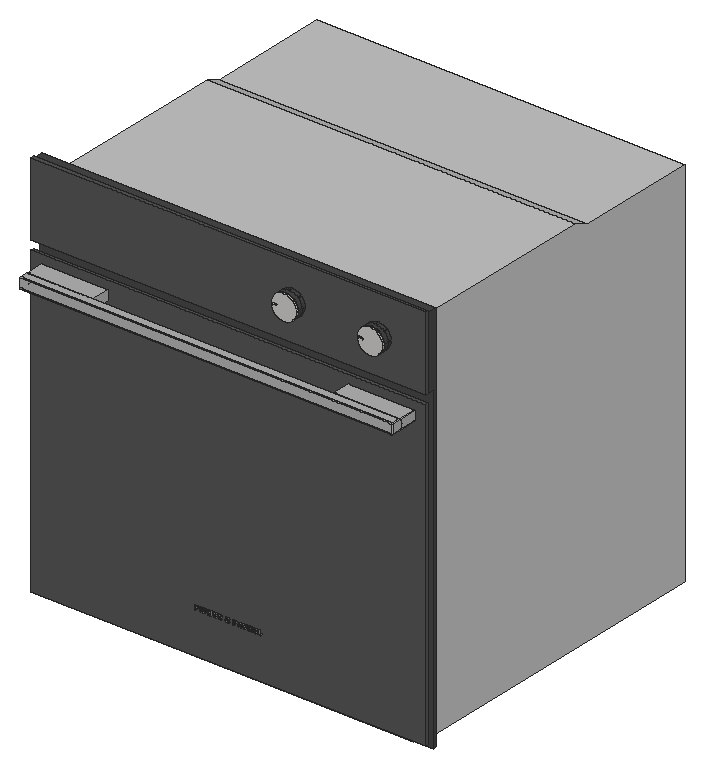
Revit family "FP_Revit_18_OB60SC6LEB1_Oven_90001193A", category Specialty Equipment, Revit 2018
Family settings
  Round Connector Dimension = Use Diameter
  Part Type = Normal
  OmniClass Number = 23.40.40.14.17.11
  OmniClass Title = Cookers, Ovens, Stoves
  Work Plane-Based = No
  Always vertical = Yes
  Cut with Voids When Loaded = Yes
  Shared = No
  Room Calculation Point = No
Parameters (values of type "OB60SC6LEB1")
  Visibility - Clearance Required = yes
  URL = "www.fisherpaykel.com"
  Product - Width = 596 mm  # constant formula
  Product - Height = 598 mm  # constant formula
  Product - Depth = 608 mm  # constant formula
  Model = "OB60SC6LEB1"
  Material - Structure = Fisher & Paykel - Black
  Material - Handle = Fisher & Paykel - Aluminium
  Material - Glass = Fisher & Paykel - Glass, Black
  Material - Buttons and Dials = Fisher & Paykel - Stainless Steel
  Material - Body = Fisher & Paykel - Grey
  Manufacturer = "Fisher & Paykel Appliances"
  FFL Offset [instance] = 260 mm
  Description = "60cm Built-In Oven"
  Connector Description - Electrical = "230 V, 13.3 A"
  Chassis - Width = 556 mm  # constant formula
  Chassis - Height = 575 mm  # constant formula
  Chassis - Depth = 545 mm  # constant formula
  Cavity - Width = 600 mm  # constant formula
  Cavity - Height = 600 mm  # constant formula
  Cavity - Depth = 550 mm  # constant formula
Reference planes
  plane 1 "Datum": y = 0
  plane 2: z = 0
  plane 3 "Center (Left/Right)": x = 0
  plane 4 "Product Height": z = 858
  plane 5 "Product LHS": x = -298
  plane 6 "Product RHS": x = 298
  plane 7 "Cavity LHS": x = -300
  plane 8 "Cavity RHS": x = 300
  plane 9 "Cavity - Depth": y = 550
  plane 10 "Product Depth": y = 545
  plane 11 "Door - Front": y = -20
  plane 12 "Product - Front": y = -63
  plane 13 "FFL Offset": z = 260
  plane 14 "Cavity - Height": z = 860
  plane 15 "Cavity": z = 840
Forms (mm)
  Extrusion 1, solid, material "Fisher & Paykel - Grey" <- "Material - Body"
    sketch origin (0, 0, 0) x (0, 1, 0) y (0, 0, 1)
      loop
        line (0, 260) -> (525, 260) -> (525, 458) -> (545, 478) -> (545, 672) -> (495, 722) -> (495, 824.6) -> (311.747, 824.6) -> (289.247, 835) -> (0, 835) -> (0, 260)
    from -278 to 278
  Extrusion 2, void
    sketch origin (0, 0, 0) x (1, 0, 0) y (0, 1, 0)
      loop
        line (-278, 495) -> (-235, 495) -> (-185, 545) -> (-278, 545) -> (-278, 495)
      loop
        line (278, 495) -> (278, 545) -> (62.65, 545) -> (82.65, 525) -> (205, 525) -> (235, 495) -> (278, 495)
    from 260 to 835
  Extrusion 3, solid, material "Fisher & Paykel - Black" <- "Material - Structure"
    sketch origin (0, 0, 0) x (0, 1, 0) y (0, 0, 1)
      loop
        line (-16, 855) -> (-16, 746) -> (-4.1, 746) -> (-4.1, 260) -> (0, 260) -> (0, 855) -> (-16, 855)
    from -298 to 298
  Extrusion 4, solid, material "Fisher & Paykel - Black" <- "Material - Structure"
    sketch origin (0, 0, 0) x (0, 1, 0) y (0, 0, 1)
      loop
        line (-16, 722.6) -> (-16, 267) -> (-4.1, 267) -> (-4.1, 722.6) -> (-16, 722.6)
    from -277 to 277
  Extrusion 5, solid, material "Fisher & Paykel - Clearance Required", visible <- "Visibility - Clearance Required", detail levels coarse
    sketch origin (0, 0, 0) x (0, 1, 0) y (0, 0, 1)
      loop
        line (-20, 287.356) -> (-20, 260) -> (0, 260) -> (0, 860) -> (-20, 860) -> (-20, 732.8)
        arc (-20, 732.8) -> (-324.134, 611.374) -> (-467.592, 316.991) r 454.272
        line (-467.592, 316.991) -> (-454.903, 316.151) -> (-457.629, 274.989) -> (-445.183, 274.164) -> (-442.458, 315.327) -> (-20, 287.356)
    from -300 to 300
  Extrusion 6, solid, material "Fisher & Paykel - Clearance Required", visible <- "Visibility - Clearance Required", detail levels coarse
    sketch origin (0, 0, 0) x (1, 0, 0) y (0, 1, 0)
      loop
        line (-280, 0) -> (280, 0) -> (280, 550) -> (-280, 550) -> (-280, 0)
    from 260 to 840
  Extrusion 7, solid, material "Fisher & Paykel - Glass, Black" <- "Material - Glass"
    sketch origin (0, 0, 0) x (0, 1, 0) y (0, 0, 1)
      loop
        line (-16, 858) -> (-20, 858) -> (-20, 746) -> (-16, 746) -> (-16, 858)
      loop
        line (-20, 732.8) -> (-20, 269.8) -> (-16, 269.8) -> (-16, 732.8) -> (-20, 732.8)
    from -298 to 298
  Extrusion 8, solid, material "Fisher & Paykel - Grey" <- "Material - Body", detail levels medium+fine
    sketch origin (0, -20, 0) x (0, 0, 1) y (1, 0, 0)
      loop
        line (795.1, -225.85) -> (795.1, -133.15) -> (737.1, -133.15) -> (737.1, -225.85) -> (795.1, -225.85)
    from 515 to 535
  Extrusion 9, solid, material "Fisher & Paykel - Grey" <- "Material - Body", detail levels fine
    sketch origin (0, 0, 0) x (0, 1, 0) y (0, 0, 1)
      loop
        circle (505, 766.1) r 4
    from -225.85 to -245
  Extrusion 10, void
    sketch origin (0, 0, 0) x (0, 1, 0) y (0, 0, 1)
      loop
        line (-20, 860) -> (-20, 260) -> (0, 260) -> (0, 860) -> (-20, 860)
    from -300 to 300
  Extrusion 11, void
    sketch origin (0, 0, 0) x (1, 0, 0) y (0, 1, 0)
      loop
        line (-280, 0) -> (280, 0) -> (280, 550) -> (-280, 550) -> (-280, 0)
    from 260 to 840
Cuts and joins
  Extrusion 2 cuts Extrusion 1
Lines and regions (mm)
  model lines, style "Fisher & Paykel"
    curve 1: line (-268, -20, 790) -> (-218, -20, 790)
    curve 2: line (-268, -20, 811) -> (-268, -20, 790)
    curve 3: line (-218, -20, 811) -> (-268, -20, 811)
    curve 4: line (-218, -20, 790) -> (-218, -20, 811)
    curve 5: line (217.5, -20, 394.2) -> (-217.5, -20, 394.2)
    curve 6: line (217.5, -20, 677.436) -> (217.5, -20, 394.2)
    curve 7: line (-217.5, -20, 677.436) -> (217.5, -20, 677.436)
    curve 8: line (-217.5, -20, 394.2) -> (-217.5, -20, 677.436)
Text (mm)
  text "Due to ongoing product development, product details are subject to change without notice. \nPlease always refer to www.fisherpaykel.com for the most current product information. \n© Fisher & Paykel 2020" at (41.04, -568.295, 0), in view "Ref. Level (Plan)"
Dimensions and locks
  equal spacing: plane 5 "Product LHS", plane 3 "Center (Left/Right)", plane 6 "Product RHS"
  "Product - Width": plane 5 "Product LHS" to plane 6 "Product RHS"
  equal spacing: plane 7 "Cavity LHS", plane 3 "Center (Left/Right)", plane 8 "Cavity RHS"
  "Cavity - Width": plane 7 "Cavity LHS" to plane 8 "Cavity RHS"
  "Cavity - Depth": plane 9 "Cavity - Depth" to plane 1 "Datum"
  "Chassis - Depth": plane 10 "Product Depth" to plane 1 "Datum"
  locked: plane 11 "Door - Front" to plane 1 "Datum" at 20
  "Chassis - Width": cut or joined group of Extrusion 1, Extrusion 2 to cut or joined group of Extrusion 1, Extrusion 2
  "Product - Depth": plane 10 "Product Depth" to plane 12 "Product - Front"
  cut or joined group of Extrusion 1, Extrusion 2 to Extrusion 8 = 20 mm
  "FFL Offset": plane 13 "FFL Offset" to level
  "Chassis - Height": cut or joined group of Extrusion 1, Extrusion 2 to plane 13 "FFL Offset"
  "Product - Height": plane 4 "Product Height" to plane 13 "FFL Offset"
  "Cavity - Height": plane 14 "Cavity - Height" to plane 13 "FFL Offset"
  locked: plane 15 "Cavity" to plane 13 "FFL Offset" at 580
  locked: Extrusion 4 to plane 13 "FFL Offset" at 7
  locked: Extrusion 7 to plane 13 "FFL Offset" at 9.8
  locked: plane 4 "Product Height" to nested 2 at 137.9
  locked: curve 5 to plane 13 "FFL Offset" at 134.2
  locked: plane 4 "Product Height" to nested 4 at 57.5
  locked: plane 4 "Product Height" to nested 3 at 57.5
  locked: curve 7 to plane 13 "FFL Offset" at 417.436
  locked: curve 1 to plane 13 "FFL Offset" at 530
  locked: curve 3 to plane 13 "FFL Offset" at 551
  locked: nested 1 to plane 13 "FFL Offset" at 73.213
  aligned and locked: level to plane 2
  aligned and locked: plane 7 "Cavity LHS" to Extrusion 5
  aligned and locked: Extrusion 5 to plane 8 "Cavity RHS"
  aligned and locked: Extrusion 7 to plane 6 "Product RHS"
  aligned and locked: plane 5 "Product LHS" to Extrusion 7
  aligned and locked: Extrusion 8 to cut or joined group of Extrusion 1, Extrusion 2
  aligned and locked: Extrusion 10 to plane 8 "Cavity RHS"
  aligned and locked: plane 7 "Cavity LHS" to Extrusion 10
  aligned and locked: Extrusion 2 to plane 13 "FFL Offset"
  aligned and locked: Extrusion 2 to Extrusion 1
  aligned and locked: Extrusion 1 sketch curve to plane 13 "FFL Offset"
  aligned and locked: Extrusion 6 to cut or joined group of Extrusion 1, Extrusion 2
  aligned and locked: plane 15 "Cavity" to Extrusion 6
  aligned and locked: Extrusion 3 to cut or joined group of Extrusion 1, Extrusion 2
  aligned and locked: plane 13 "FFL Offset" to Extrusion 5 sketch curve
  aligned and locked: plane 14 "Cavity - Height" to Extrusion 5 sketch curve
  aligned and locked: Extrusion 11 to cut or joined group of Extrusion 1, Extrusion 2
  aligned and locked: Extrusion 11 to Extrusion 6
  aligned and locked: Extrusion 10 to cut or joined group of Extrusion 1, Extrusion 2
  aligned and locked: Extrusion 10 to Extrusion 5
Automatic sketch dimensions
  Extrusion 2 sketch curve to plane 10 "Product Depth" = 0 mm  (x2)
  Extrusion 2 sketch curve to plane 5 "Product LHS" = 20 mm
  Extrusion 2 sketch curve to Extrusion 2 sketch curve = 43 mm
  Extrusion 2 sketch curve to Extrusion 2 sketch curve = 50 mm
  plane 3 "Center (Left/Right)" to Extrusion 2 sketch curve = 62.65 mm
  Extrusion 2 sketch curve to Extrusion 2 sketch curve = 20 mm
  Extrusion 2 sketch curve to plane 10 "Product Depth" = 20 mm
  plane 6 "Product RHS" to Extrusion 2 sketch curve = 93 mm
  Extrusion 2 sketch curve to Extrusion 2 sketch curve = 30 mm
  plane 6 "Product RHS" to Extrusion 2 sketch curve = 20 mm
  Extrusion 2 sketch curve to plane 10 "Product Depth" = 50 mm  (x2)
  level to Extrusion 3 sketch curve = 260 mm
  Extrusion 3 sketch curve to plane 1 "Datum" = 0 mm
  plane 1 "Datum" to Extrusion 3 sketch curve = 4.1 mm
  plane 11 "Door - Front" to Extrusion 3 sketch curve = 4 mm
  Extrusion 3 sketch curve to plane 4 "Product Height" = 3 mm
  plane 11 "Door - Front" to Extrusion 4 sketch curve = 4 mm
  plane 1 "Datum" to Extrusion 4 sketch curve = 4.1 mm
  level to Extrusion 4 sketch curve = 267 mm
  Extrusion 6 sketch curve to plane 9 "Cavity - Depth" = 0 mm
  plane 1 "Datum" to Extrusion 6 sketch curve = 0 mm
  Extrusion 6 sketch curve to plane 5 "Product LHS" = 18 mm
  plane 6 "Product RHS" to Extrusion 6 sketch curve = 18 mm
  Extrusion 7 sketch curve to plane 11 "Door - Front" = 0 mm  (x2)
  plane 11 "Door - Front" to Extrusion 7 sketch curve = 4 mm  (x2)
  Extrusion 7 sketch curve to plane 4 "Product Height" = 0 mm
  Extrusion 7 sketch curve to Extrusion 7 sketch curve = 13.2 mm
  level to Extrusion 7 sketch curve = 269.8 mm
  Extrusion 8 sketch curve to plane 5 "Product LHS" = 72.15 mm
  Extrusion 8 sketch curve to Extrusion 8 sketch curve = 92.7 mm
  Extrusion 9 sketch curve to plane 10 "Product Depth" = 40 mm
  level to Extrusion 10 sketch curve = 260 mm
  Extrusion 10 sketch curve to plane 11 "Door - Front" = 0 mm
  Extrusion 10 sketch curve to plane 1 "Datum" = 0 mm
  Extrusion 11 sketch curve to plane 9 "Cavity - Depth" = 0 mm
  plane 1 "Datum" to Extrusion 11 sketch curve = 0 mm
  Extrusion 11 sketch curve to plane 5 "Product LHS" = 18 mm
  plane 6 "Product RHS" to Extrusion 11 sketch curve = 18 mm
  Extrusion 3 sketch curve to Extrusion 3 sketch curve = 109 mm
  Extrusion 4 sketch curve to plane 4 "Product Height" = 135.4 mm
  Extrusion 7 sketch curve to Extrusion 7 sketch curve = 125.2 mm
  Extrusion 8 sketch curve to plane 4 "Product Height" = 120.9 mm
  Extrusion 8 sketch curve to Extrusion 8 sketch curve = 58 mm
  Extrusion 9 sketch curve to plane 4 "Product Height" = 91.9 mm
  Extrusion 1 sketch curve to plane 1 "Datum" = 0 mm
  Extrusion 1 sketch curve to plane 10 "Product Depth" = 0 mm
  Extrusion 1 sketch curve to plane 4 "Product Height" = 23 mm
  Extrusion 1 sketch curve to plane 10 "Product Depth" = 255.753 mm
  Extrusion 1 sketch curve to Extrusion 1 sketch curve = 22.5 mm
  Extrusion 1 sketch curve to plane 10 "Product Depth" = 50 mm
  Extrusion 1 sketch curve to plane 10 "Product Depth" = 20 mm
  Extrusion 1 sketch curve to Extrusion 1 sketch curve = 198 mm
  Extrusion 1 sketch curve to Extrusion 1 sketch curve = 20 mm
  Extrusion 1 sketch curve to plane 4 "Product Height" = 186 mm
  Extrusion 1 sketch curve to Extrusion 1 sketch curve = 50 mm
  Extrusion 1 sketch curve to plane 4 "Product Height" = 33.4 mm
  plane 13 "FFL Offset" to Extrusion 10 sketch curve = 600 mm
  Extrusion 5 sketch curve to plane 11 "Door - Front" = 0 mm  (x2)
  Extrusion 5 sketch curve to plane 1 "Datum" = 0 mm
  plane 13 "FFL Offset" to Extrusion 5 sketch curve = 55.327 mm
  Extrusion 5 sketch curve to plane 12 "Product - Front" = 379.458 mm
  plane 13 "FFL Offset" to Extrusion 5 sketch curve = 14.164 mm
  Extrusion 5 sketch curve to Extrusion 5 sketch curve = 2.725 mm
  plane 13 "FFL Offset" to Extrusion 5 sketch curve = 56.151 mm
  Extrusion 5 sketch curve to Extrusion 5 sketch curve = 12.446 mm
  plane 13 "FFL Offset" to Extrusion 5 sketch curve = 56.991 mm
  plane 11 "Door - Front" to Extrusion 5 sketch curve = 5.051 mm
  Extrusion 5 sketch curve to Extrusion 5 sketch curve = 8.8 mm
  plane 6 "Product RHS" to curve 6 = 80.5 mm
  curve 5 to curve 6 = 283.236 mm
  curve 7 to plane 5 "Product LHS" = 80.5 mm
  curve 1 to plane 5 "Product LHS" = 80 mm
  curve 1 to plane 5 "Product LHS" = 30 mm
  radius of Extrusion 9 sketch curve = 4 mm
Nested families
  nested 1: "F&P Logo 100mm" at (0, -20, 333.213), type "Grey"
  nested 2: "F&P Handle Contemporary Square OB60-24" at (0, -20, 712.122), type "Aluminium"
  nested 3: "F&P Dial Oven SC" at (97.062, -20, 800.5), type "F&P Dial Oven SC"
  nested 4: "F&P Dial Oven SC" at (227.124, -20, 800.5), type "F&P Dial Oven SC"
Connectors
  electrical at (-245, 505, 766.1), driven by "Connector Description - Electrical"
    settings: on Extrusion 9, index 1, voltage 230 V, apparent load 0 VA, apparent load phase1 0 VA, apparent load phase2 0 VA, apparent load phase3 0 VA, power factor 1, load classification "Other", number of poles 1, system type 30, power factor state 1, is connector primary yes, connector utility no, sub classification motor no, connector description "230 V, 13.3 A"
Definition of nested family "F&P Logo 100mm"
  Parameters (values of type "Chrome")
    URL = "www.fisherpaykel.com"
    Material - Logo = none
    Manufacturer = "Fisher & Paykel Appliances"
  Types (3): name
    (no name)
    Chrome
    Grey
  Reference planes
    plane 1 "Center (Front/Back)": y = 0
    plane 2: z = 0
    plane 3 "Center (Left/Right)": x = 0
  Forms (mm)
    Extrusion 1, solid, material <- "Material - Logo", detail levels fine
      sketch origin (0, 0, 0) x (1, 0, 0) y (0, 0, 1)
        loop
          line (-50.044, 0) -> (-48.47, 0) -> (-48.47, 2.138) -> (-46.011, 2.138) -> (-46.011, 3.472) -> (-48.47, 3.472) -> (-48.47, 4.712) -> (-45.795, 4.712) -> (-45.795, 6.04) -> (-50.044, 6.04) -> (-50.044, 0)
        loop
          line (-42.804, 6.04) -> (-42.804, 0) -> (-41.23, 0) -> (-41.23, 6.04) -> (-42.804, 6.04)
        loop
          line (-30.724, 6.04) -> (-30.724, 0) -> (-29.151, 0) -> (-29.151, 2.42) -> (-26.839, 2.42) -> (-26.839, 0) -> (-25.265, 0) -> (-25.265, 6.04) -> (-26.839, 6.04) -> (-26.839, 3.748) -> (-29.151, 3.748) -> (-29.151, 6.04) -> (-30.724, 6.04)
        loop
          line (-21.906, 6.04) -> (-21.906, 0) -> (-17.602, 0) -> (-17.602, 1.328) -> (-20.347, 1.328) -> (-20.347, 2.42) -> (-17.838, 2.42) -> (-17.838, 3.748) -> (-20.347, 3.748) -> (-20.347, 4.712) -> (-17.602, 4.712) -> (-17.602, 6.04) -> (-21.906, 6.04)
        loop
          line (45.667, 6.04) -> (45.667, 0) -> (49.956, 0) -> (49.956, 1.328) -> (47.241, 1.328) -> (47.241, 6.04) -> (45.667, 6.04)
        loop
          line (42.431, 6.04) -> (38.112, 6.04) -> (38.112, 0) -> (42.431, 0) -> (42.431, 1.328) -> (39.687, 1.328) -> (39.687, 2.42) -> (42.195, 2.42) -> (42.195, 3.748) -> (39.687, 3.748) -> (39.687, 4.712) -> (42.431, 4.712) -> (42.431, 6.04)
        loop
          line (33.451, 3.148) -> (35.683, 6.04) -> (33.844, 6.04) -> (31.915, 3.542) -> (31.915, 6.04) -> (30.342, 6.04) -> (30.342, 0) -> (31.915, 0) -> (31.915, 2.705) -> (33.903, 0) -> (35.763, 0) -> (33.451, 3.148)
        loop
          line (21.98, 6.04) -> (24.262, 2.42) -> (24.262, 0) -> (25.837, 0) -> (25.837, 2.341) -> (28.119, 6.04) -> (26.446, 6.04) -> (25.099, 3.707) -> (23.753, 6.04) -> (21.98, 6.04)
        loop
          line (18.479, 6.04) -> (16.983, 6.04) -> (14.524, 0) -> (16.069, 0) -> (16.501, 1.112) -> (18.921, 1.112) -> (19.354, 0) -> (20.938, 0) -> (18.479, 6.04)
        loop
          line (18.4, 2.439) -> (17.693, 4.174) -> (17.018, 2.439) -> (18.4, 2.439)
        loop
          line (8.031, 6.04) -> (8.031, 0) -> (9.605, 0) -> (9.605, 1.938) -> (10.599, 1.938)
          arc (10.599, 1.938) -> (12.65, 3.989) -> (10.599, 6.04) r 2.051
          line (10.599, 6.04) -> (8.031, 6.04)
        loop
          line (9.605, 4.712) -> (9.605, 3.197) -> (10.501, 3.197)
          arc (10.501, 3.197) -> (11.259, 3.954) -> (10.501, 4.712) r 0.757
          line (10.501, 4.712) -> (9.605, 4.712)
        loop
          line (-11.783, 6.04) -> (-14.366, 6.04) -> (-14.366, 0) -> (-12.792, 0) -> (-12.792, 1.336) -> (-11.992, 1.336) -> (-10.972, 0) -> (-9.153, 0) -> (-10.694, 1.973)
          arc (-10.694, 1.973) -> (-9.678, 4.424) -> (-11.783, 6.04) r 2.179
        loop
          line (-11.897, 4.712) -> (-12.792, 4.712) -> (-12.792, 3.053) -> (-11.897, 3.053)
          arc (-11.897, 3.053) -> (-11.068, 3.882) -> (-11.897, 4.712) r 0.83
        loop
          line (0.477, 4.712) -> (0.477, 6.153) -> (-3.575, 6.153) -> (-3.575, 4.851) -> (-2.974, 4.112)
          arc (-2.974, 4.112) -> (-3.51, 0.684) -> (-0.045, 0.512) r 2.334
          line (-0.045, 0.512) -> (0.46, -0.109) -> (2.246, -0.109) -> (0.86, 1.594) -> (2.061, 3.324) -> (0.443, 3.324) -> (-0.013, 2.667) -> (-1.677, 4.712) -> (0.477, 4.712)
        loop
          arc (-2.125, 3.068) -> (-2.269, 1.668) -> (-0.868, 1.524) r 0.996
          line (-0.868, 1.524) -> (-2.125, 3.068)
        loop
          line (-35.18, 3.634) -> (-36.516, 3.91)
          arc (-36.516, 3.91) -> (-37.049, 4.443) -> (-36.516, 4.976) r 0.533
          arc (-36.516, 4.976) -> (-35.235, 4.79) -> (-34.059, 4.248) r 4.505
          line (-34.059, 4.248) -> (-34.059, 5.743)
          arc (-34.059, 5.743) -> (-35.549, 6.179) -> (-37.1, 6.109) r 4.726
          arc (-37.1, 6.109) -> (-38.536, 4.335) -> (-37.1, 2.561) r 1.814
          line (-37.1, 2.561) -> (-35.754, 2.282)
          arc (-35.754, 2.282) -> (-35.221, 1.749) -> (-35.754, 1.216) r 0.533
          arc (-35.754, 1.216) -> (-37.035, 1.402) -> (-38.211, 1.945) r 4.505
          line (-38.211, 1.945) -> (-38.211, 0.449)
          arc (-38.211, 0.449) -> (-36.72, 0.013) -> (-35.169, 0.083) r 4.726
          arc (-35.169, 0.083) -> (-33.734, 1.863) -> (-35.18, 3.634) r 1.814
      from 0 to 0.8
  Dimensions and locks
    aligned and locked: level to plane 2
Definition of nested family "F&P Handle Contemporary Square OB60-24"
  Parameters (values of type "Aluminium Dark")
    URL = "www.fisherpaykel.com"
    Material - Handle = none
    Manufacturer = "Fisher & Paykel Appliances"
    Handle - Length = 565 mm
  Types (2): name
    Aluminium
    Aluminium Dark
  Reference planes
    plane 1 "Center (Front/Back)": y = 0
    plane 2: z = 0
    plane 3 "Center (Left/Right)": x = 0
    plane 4 "Product LHS": x = -282.5
    plane 5 "Product RHS": x = 282.5
    plane 6 "LHS Standoff": x = -182.495
    plane 7 "RHS Standoff": x = 182.505
  Forms (mm)
    Extrusion 1, solid, material <- "Material - Handle", detail levels fine
      sketch origin (0, 0, 0) x (0, 1, 0) y (0, 0, 1)
        loop
          arc (-28.701, 7.561) -> (-29.057, 7.868) -> (-29.514, 7.978) r 1
          line (-29.514, 7.978) -> (-40.5, 7.978)
          arc (-40.5, 7.978) -> (-41.561, 7.539) -> (-42, 6.478) r 1.5
          line (-42, 6.478) -> (-42, -6.522)
          arc (-42, -6.522) -> (-41.561, -7.583) -> (-40.5, -8.022) r 1.5
          line (-40.5, -8.022) -> (-29.487, -8.022)
          arc (-29.487, -8.022) -> (-29.029, -7.911) -> (-28.673, -7.602) r 1
          arc (-28.673, -7.602) -> (-26.256, -0.016) -> (-28.701, 7.561) r 13.038
      from -282.5 to 282.5
    Extrusion 2, solid, material <- "Material - Handle", detail levels fine
      sketch origin (0, 0, 0) x (0, 1, 0) y (0, 0, 1)
        loop
          arc (-28.23, 7.062) -> (-26.156, 0.008) -> (-28.198, -7.056) r 13.136
          arc (-28.198, -7.056) -> (-28.21, -7.463) -> (-27.86, -7.67) r 0.4
          line (-27.86, -7.67) -> (0, -7.67) -> (0, 7.678) -> (-27.893, 7.678)
          arc (-27.893, 7.678) -> (-28.244, 7.47) -> (-28.23, 7.062) r 0.4
      from 182.505 to 282.5
    Extrusion 3, solid, material <- "Material - Handle", detail levels fine
      sketch origin (0, 0, 0) x (0, 1, 0) y (0, 0, -1)
        loop
          arc (-28.23, -7.062) -> (-28.244, -7.47) -> (-27.893, -7.678) r 0.4
          line (-27.893, -7.678) -> (0, -7.678) -> (0, 7.67) -> (-27.86, 7.67)
          arc (-27.86, 7.67) -> (-28.21, 7.463) -> (-28.198, 7.056) r 0.4
          arc (-28.198, 7.056) -> (-26.156, -0.008) -> (-28.23, -7.062) r 13.136
      from 182.495 to 282.5
    Sweep 4, void
      path in 3D
        loop
          line (282.5, -29.514, 7.978) -> (282.5, -40.5, 7.978)
          arc (282.5, -40.5, 7.978) -> (282.5, -41.561, 7.539) -> (282.5, -42, 6.478) r 1.5
          line (282.5, -42, 6.478) -> (282.5, -42, -6.522)
          arc (282.5, -42, -6.522) -> (282.5, -41.561, -7.583) -> (282.5, -40.5, -8.022) r 1.5
          line (282.5, -40.5, -8.022) -> (282.5, -29.487, -8.022)
      profile origin (282.5, -35.007, 7.978) x (1, 0, 0) y (0, 0, 1)
        loop
          line (0, 0) -> (-1.3, 0) -> (0, -1.3) -> (0, 0)
    Sweep 5, void
      path in 3D
        loop
          line (-282.5, -29.487, -8.022) -> (-282.5, -40.5, -8.022)
          arc (-282.5, -40.5, -8.022) -> (-282.5, -41.561, -7.583) -> (-282.5, -42, -6.522) r 1.5
          line (-282.5, -42, -6.522) -> (-282.5, -42, 6.478)
          arc (-282.5, -42, 6.478) -> (-282.5, -41.561, 7.539) -> (-282.5, -40.5, 7.978) r 1.5
          line (-282.5, -40.5, 7.978) -> (-282.5, -29.514, 7.978)
      profile origin (-282.5, -35.007, 7.978) x (-1, 0, 0) y (0, 0, 1)
        loop
          line (0, 0) -> (-1.3, 0) -> (0, -1.3) -> (0, 0)
    Extrusion 6, void
      sketch origin (0, 0, 0) x (1, 0, 0) y (0, 0, 1)
        loop
          line (282.5, 7.978) -> (281.2, 7.978) -> (282.5, 6.678) -> (282.5, 7.978)
        loop
          line (282.5, -8.022) -> (282.5, -6.722) -> (281.2, -8.022) -> (282.5, -8.022)
      from 0 to 40
    Extrusion 7, void
      sketch origin (0, 0, 0) x (1, 0, 0) y (0, 0, 1)
        loop
          line (-282.5, 7.978) -> (-282.5, 6.678) -> (-281.2, 7.978) -> (-282.5, 7.978)
        loop
          line (-282.5, -8.022) -> (-281.2, -8.022) -> (-282.5, -6.722) -> (-282.5, -8.022)
      from 0 to 40
    Extrusion 8, solid, material <- "Material - Handle", detail levels coarse+medium
      sketch origin (0, 0, 0) x (1, 0, 0) y (0, 1, 0)
        loop
          line (-282.5, -42) -> (282.5, -42) -> (282.5, 0) -> (182.505, 0) -> (182.505, -26.156) -> (-182.495, -26.156) -> (-182.495, 0) -> (-282.5, 0) -> (-282.5, -42)
      from -8.022 to 7.978
  Cuts and joins
    Sweep 4, Sweep 5, Extrusion 6, Extrusion 7 cuts Extrusion 1
    Extrusion 6 cuts Extrusion 2
    Extrusion 7 cuts Extrusion 3
  Lines and regions (mm)
    sketch lines
      curve 1: line (282.5, -29.514, 7.978) -> (282.5, -40.5, 7.978)
      curve 2: arc (282.5, -42, 6.478) -> (282.5, -41.561, 7.539) -> (282.5, -40.5, 7.978) r 1.5
      curve 3: line (282.5, -42, 6.478) -> (282.5, -42, -6.522)
      curve 4: arc (282.5, -40.5, -8.022) -> (282.5, -41.561, -7.583) -> (282.5, -42, -6.522) r 1.5
      curve 5: line (282.5, -40.5, -8.022) -> (282.5, -29.487, -8.022)
      curve 6: line (-282.5, -40.5, 7.978) -> (-282.5, -29.514, 7.978)
      curve 7: arc (-282.5, -40.5, 7.978) -> (-282.5, -41.561, 7.539) -> (-282.5, -42, 6.478) r 1.5
      curve 8: line (-282.5, -42, -6.522) -> (-282.5, -42, 6.478)
      curve 9: arc (-282.5, -42, -6.522) -> (-282.5, -41.561, -7.583) -> (-282.5, -40.5, -8.022) r 1.5
      curve 10: line (-282.5, -29.487, -8.022) -> (-282.5, -40.5, -8.022)
  Dimensions and locks
    equal spacing: plane 4 "Product LHS", plane 3 "Center (Left/Right)", plane 5 "Product RHS"
    "Handle - Length": plane 4 "Product LHS" to plane 5 "Product RHS"
    locked: plane 4 "Product LHS" to plane 6 "LHS Standoff" at 100.005
    locked: plane 7 "RHS Standoff" to plane 5 "Product RHS" at 99.995
    aligned and locked: level to plane 2
    aligned and locked: Extrusion 1 to plane 5 "Product RHS"
    aligned and locked: plane 4 "Product LHS" to Extrusion 1
    aligned and locked: Extrusion 2 to plane 5 "Product RHS"
    aligned and locked: plane 4 "Product LHS" to Extrusion 3
    aligned and locked: plane 4 "Product LHS" to Extrusion 8 sketch curve
    aligned and locked: Extrusion 8 sketch curve to plane 5 "Product RHS"
    aligned and locked: Extrusion 8 sketch curve to plane 7 "RHS Standoff"
    aligned and locked: plane 6 "LHS Standoff" to Extrusion 8 sketch curve
    aligned and locked: Extrusion 2 to plane 7 "RHS Standoff"
    aligned and locked: plane 6 "LHS Standoff" to Extrusion 3
  Automatic sketch dimensions
    Extrusion 1 sketch curve to level = 6.522 mm
    plane 1 "Center (Front/Back)" to Extrusion 1 sketch curve = 42 mm
    Extrusion 1 sketch curve to Extrusion 1 sketch curve = 1.5 mm  (x2)
    Extrusion 1 sketch curve to level = 0.04 mm
    Extrusion 1 sketch curve to Extrusion 1 sketch curve = 1.206 mm
    level to Extrusion 1 sketch curve = 6.978 mm
    Extrusion 1 sketch curve to Extrusion 1 sketch curve = 10.986 mm
    Extrusion 1 sketch curve to Extrusion 1 sketch curve = 11.013 mm
    Extrusion 1 sketch curve to Extrusion 1 sketch curve = 1 mm
    level to Extrusion 1 sketch curve = 6.478 mm
    Extrusion 1 sketch curve to Extrusion 1 sketch curve = 0 mm
    Extrusion 2 sketch curve to plane 1 "Center (Front/Back)" = 0 mm
    Extrusion 2 sketch curve to level = 7.67 mm
    Extrusion 2 sketch curve to Extrusion 2 sketch curve = 27.86 mm
    level to Extrusion 2 sketch curve = 7.678 mm
    Extrusion 2 sketch curve to Extrusion 2 sketch curve = 0.033 mm
    Extrusion 2 sketch curve to level = 0.022 mm
    Extrusion 2 sketch curve to Extrusion 2 sketch curve = 11.398 mm
    Extrusion 2 sketch curve to Extrusion 2 sketch curve = 0.4 mm  (x2)
    Extrusion 2 sketch curve to Extrusion 2 sketch curve = 0 mm
    Extrusion 3 sketch curve to plane 1 "Center (Front/Back)" = 0 mm
    Extrusion 3 sketch curve to level = 7.67 mm
    Extrusion 3 sketch curve to Extrusion 3 sketch curve = 27.86 mm
    level to Extrusion 3 sketch curve = 7.678 mm
    Extrusion 3 sketch curve to Extrusion 3 sketch curve = 0.033 mm
    Extrusion 3 sketch curve to level = 0.022 mm
    Extrusion 3 sketch curve to Extrusion 3 sketch curve = 11.398 mm
    Extrusion 3 sketch curve to Extrusion 3 sketch curve = 0.4 mm  (x2)
    Extrusion 3 sketch curve to Extrusion 3 sketch curve = 0 mm
    profile plane to Sweep 4 sketch curve = 0 mm
    Sweep 4 sketch curve to profile plane = 0 mm
    Sweep 4 sketch curve to profile plane = 1.3 mm
    profile plane to Sweep 4 sketch curve = 1.3 mm
    Sweep 5 sketch curve to profile plane = 0 mm  (x2)
    profile plane to Sweep 5 sketch curve = 1.3 mm
    Sweep 5 sketch curve to profile plane = 1.3 mm
    plane 5 "Product RHS" to Extrusion 6 sketch curve = 0 mm  (x2)
    Extrusion 6 sketch curve to Extrusion 6 sketch curve = 1.3 mm  (x4)
    Extrusion 6 sketch curve to level = 6.722 mm
    level to Extrusion 6 sketch curve = 6.678 mm
    plane 4 "Product LHS" to Extrusion 7 sketch curve = 0 mm  (x2)
    Extrusion 7 sketch curve to plane 4 "Product LHS" = 1.3 mm  (x2)
    Extrusion 7 sketch curve to level = 8.022 mm
    level to Extrusion 7 sketch curve = 6.678 mm
    Extrusion 7 sketch curve to Extrusion 7 sketch curve = 1.3 mm  (x2)
    plane 1 "Center (Front/Back)" to Extrusion 8 sketch curve = 0 mm  (x2)
    Extrusion 8 sketch curve to Extrusion 8 sketch curve = 26.156 mm
    Extrusion 8 sketch curve to Extrusion 8 sketch curve = 42 mm
Definition of nested family "F&P Dial Oven SC"
  Parameters (values of type "F&P Dial Oven SC")
    URL = "www.fisherpaykel.com"
    Material - Buttons and Dials = none
    Manufacturer = "Fisher & Paykel Appliances"
  Reference planes
    plane 1 "Center (Front/Back)": y = 0
    plane 2: z = 0
    plane 3 "Center (Left/Right)": x = 0
  Forms (mm)
    Extrusion 1, solid, material <- "Material - Buttons and Dials", detail levels medium+fine
      sketch origin (0, 0, 0) x (1, 0, 0) y (0, 0, 1)
        loop
          circle (0, 0) r 19
        loop
          arc (-16.072, 1.5) -> (-17.572, 0) -> (-16.072, -1.5) r 1.5
          line (-16.072, -1.5) -> (-10.762, -1.5)
          arc (-10.762, -1.5) -> (-9.262, 0) -> (-10.762, 1.5) r 1.5
          line (-10.762, 1.5) -> (-16.072, 1.5)
      from 14 to 16
    Extrusion 2, solid, detail levels fine
      sketch origin (0, 0, 0) x (1, 0, 0) y (0, 0, 1)
        loop
          arc (-1.003, 18.973) -> (-7.274, 17.553) -> (-12.711, 14.122) r 19
          line (-12.711, 14.122) -> (-11.276, 12.687) -> (-12.691, 11.273) -> (-14.125, 12.708)
          arc (-14.125, 12.708) -> (-17.554, 7.27) -> (-18.974, 1) r 19
          line (-18.974, 1) -> (-16.946, 1) -> (-16.946, -1) -> (-18.974, -1)
          arc (-18.974, -1) -> (-17.554, -7.27) -> (-14.125, -12.708) r 19
          line (-14.125, -12.708) -> (-12.691, -11.273) -> (-11.276, -12.687) -> (-12.711, -14.122)
          arc (-12.711, -14.122) -> (-7.274, -17.553) -> (-1.003, -18.973) r 19
          line (-1.003, -18.973) -> (-1.003, -16.943) -> (0.997, -16.943) -> (0.997, -18.974)
          arc (0.997, -18.974) -> (7.268, -17.555) -> (12.708, -14.125) r 19
          line (12.708, -14.125) -> (11.27, -12.687) -> (12.684, -11.273) -> (14.122, -12.711)
          arc (14.122, -12.711) -> (17.553, -7.272) -> (18.974, -1) r 19
          line (18.974, -1) -> (16.939, -1) -> (16.939, 1) -> (18.974, 1)
          arc (18.974, 1) -> (17.553, 7.272) -> (14.122, 12.711) r 19
          line (14.122, 12.711) -> (12.684, 11.273) -> (11.246, 12.711) -> (12.683, 14.147)
          arc (12.683, 14.147) -> (7.253, 17.561) -> (0.997, 18.974) r 19
          line (0.997, 18.974) -> (0.997, 16.943) -> (-1.003, 16.943) -> (-1.003, 18.973)
      from 0 to 6
    Extrusion 3, solid, detail levels fine
      sketch origin (0, 0, 0) x (1, 0, 0) y (0, 0, 1)
        loop
          circle (0, 0) r 19
      from 6 to 13
    Extrusion 4, solid, detail levels fine
      sketch origin (0, 0, 0) x (1, 0, 0) y (0, 0, 1)
        loop
          circle (0, 0) r 18
      from 13 to 14
    Extrusion 5, solid, detail levels coarse+medium
      sketch origin (0, 0, 0) x (1, 0, 0) y (0, 0, 1)
        loop
          circle (0, 0) r 19
      from 0 to 14
  Cuts and joins
    joined: Extrusion 2, Extrusion 3
  Dimensions and locks
    aligned and locked: level to plane 2
